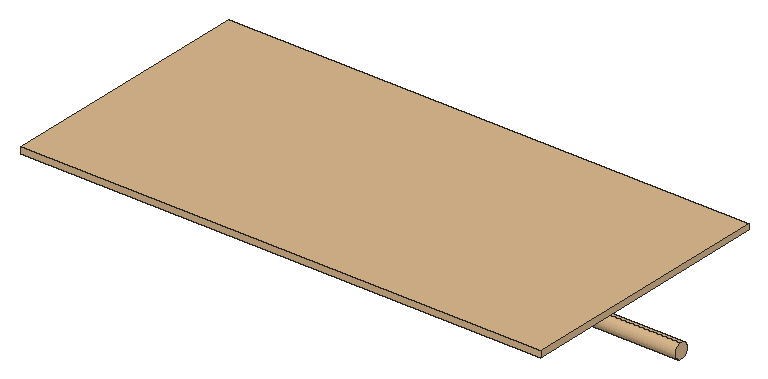
Revit family
Parameters (values of type "450mm Deep")
  Material = Wood - Birch, Natural
  Length [instance] = 900 mm
  Shelf Depth = 450 mm
  Shelf Height = 1800 mm
  Keynote = "N"
Types (3, lengths in mm): name | Length | Shelf Depth | Shelf Height | Keynote
  (no name) | 900 | 450 | 1800 | "N"
  450mm Deep | 900 | 450 | 1800 | "N"
  15" Depth | 914.4 | 381 | 1828.8 | ""
Reference planes
  plane 1: y = 0
  plane 2 "Right": x = 481.766
  plane 3 "Left": x = -418.234
  plane 4 "Front": y = 526.2
  plane 5 "Back": y = 76.2
  plane 6: z = 1800
  plane 7: z = 1676.4
  plane 8: y = 381
Forms (mm)
  Extrusion 1, solid, material "Wood - Birch, Natural" <- "Material"
    sketch origin (0, 0, 0) x (1, 0, 0) y (0, 1, 0)
      loop
        line (-418.234, 526.2) -> (-418.234, 76.2) -> (481.766, 76.2) -> (481.766, 526.2) -> (-418.234, 526.2)
    from 1809.75 to 1800
  Extrusion 2, solid, material "Wood - Birch, Natural" <- "Material"
    sketch origin (-418.234, 526.2, 1809.75) x (0, 0, -1) y (0, -1, 0)
      loop
        circle (133.35, 145.2) r 12.7
    from -900 to 0
Lines and regions (mm)
  symbolic lines, style "Overhead"
    curve 1: line (-418.234, 76.2, 0) -> (-418.234, 526.2, 0)
    curve 2: line (481.766, 76.2, 0) -> (481.766, 526.2, 0)
    curve 3: line (-418.234, 526.2, 0) -> (481.766, 526.2, 0)
    curve 4: line (-418.234, 400.05, 0) -> (481.766, 400.05, 0)
    curve 5: line (-418.234, 361.95, 0) -> (481.766, 361.95, 0)
  model lines, style "InvisibleLines"
    curve 6: line (-418.234, 76.2, 1828.8) -> (-418.234, 76.2, 0)
Text (mm)
  text "Placement Side" at (0, 1019.848, 3124.603), in view "Right"
  text "Placement Side" at (-1787.662, 723.012, 0), in view "Ref. Level"
  text "Placement Side" at (0, 1328.893, 3045.788), in view "Left"
Dimensions and locks
  locked: plane 5 "Back" to host wall
  "Length": plane 3 "Left" to plane 2 "Right"
  "Shelf Depth": plane 5 "Back" to plane 4 "Front"
  "Shelf Height": level to plane 6
  locked: plane 8 to plane 5 "Back" at 304.8
  aligned and locked: plane 3 "Left" to Extrusion 1 sketch curve
  aligned and locked: plane 4 "Front" to Extrusion 1 sketch curve
  aligned and locked: host wall to Extrusion 1 sketch curve
  aligned and locked: Extrusion 1 sketch curve to plane 2 "Right"
  aligned and locked: Extrusion 1 to plane 6
  aligned and locked: Extrusion 2 to plane 3 "Left"
  aligned and locked: plane 2 "Right" to Extrusion 2
  aligned and locked: curve 6 to Extrusion 1
Automatic sketch dimensions
  Extrusion 2 sketch curve to plane 8 = 0 mm
  Extrusion 2 sketch curve to plane 7 = 0 mm
  Extrusion 2 sketch curve to Extrusion 2 sketch curve = 12.7 mm
  curve 1 to plane 3 "Left" = 0 mm
  curve 2 to plane 2 "Right" = 0 mm
  curve 1 to host wall = 0 mm
  curve 2 to host wall = 0 mm
  curve 2 to plane 4 "Front" = 0 mm
  plane 8 to curve 5 = 19.05 mm
  curve 4 to plane 8 = 19.05 mm
  curve 6 to level = 0 mm
